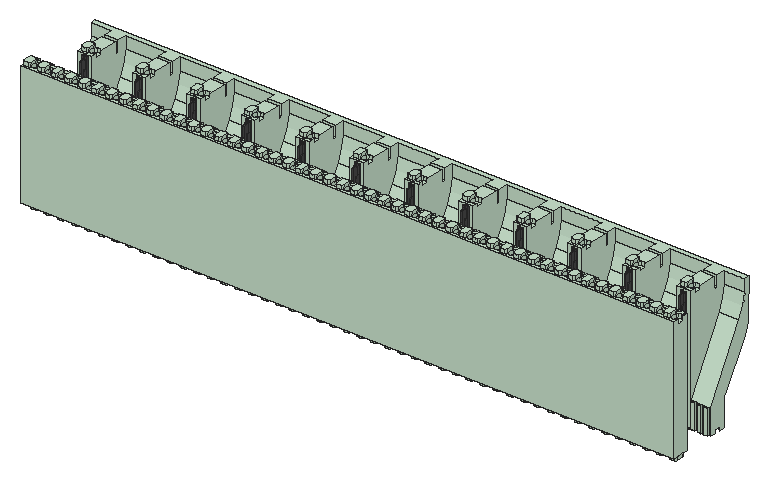
Revit family (continued)
Definition of nested family "NUDURA Diamond Pattern"
  Lines and regions (in)
    model lines
      curve 21: arc (4.634, -5.625, 15.48484) -> (4.74384, -5.625, 15.75) -> (4.634, -5.625, 16.01517) r 0.375
      curve 22: line (4.29059, -5.625, 15.14142) -> (4.634, -5.625, 15.48484)
      curve 23: line (3.35367, -5.625, 15.48484) -> (3.69709, -5.625, 15.14142)
      curve 24: arc (3.35367, -5.625, 16.01517) -> (3.24384, -5.625, 15.75) -> (3.35367, -5.625, 15.48484) r 0.375
      curve 25: line (3.69709, -5.625, 16.35858) -> (3.35367, -5.625, 16.01517)
      curve 26: arc (4.17062, -5.625, 16.30178) -> (3.99384, -5.625, 16.375) -> (3.81706, -5.625, 16.30178) r 0.25
      curve 27: line (3.81706, -5.625, 16.30178) -> (3.44206, -5.625, 15.92678)
      curve 28: arc (3.44206, -5.625, 15.92678) -> (3.36884, -5.625, 15.75) -> (3.44206, -5.625, 15.57322) r 0.25
      curve 29: line (3.44206, -5.625, 15.57322) -> (3.81706, -5.625, 15.19822)
      curve 30: arc (3.81706, -5.625, 15.19822) -> (3.99384, -5.625, 15.125) -> (4.17062, -5.625, 15.19822) r 0.25
      curve 31: line (4.17062, -5.625, 15.19822) -> (4.54562, -5.625, 15.57322)
      curve 32: arc (4.54562, -5.625, 15.57322) -> (4.61884, -5.625, 15.75) -> (4.54562, -5.625, 15.92678) r 0.25
      curve 33: line (4.54562, -5.625, 15.92678) -> (4.17062, -5.625, 16.30178)
      curve 34: arc (3.69709, -5.625, 14.85858) -> (3.75567, -5.625, 15) -> (3.69709, -5.625, 15.14142) r 0.2
      curve 35: line (4.634, -5.625, 14.51517) -> (4.29059, -5.625, 14.85858)
      curve 36: arc (4.634, -5.625, 13.98484) -> (4.74384, -5.625, 14.25) -> (4.634, -5.625, 14.51517) r 0.375
      curve 37: line (4.29059, -5.625, 13.64142) -> (4.634, -5.625, 13.98484)
      curve 38: line (3.35367, -5.625, 13.98484) -> (3.69709, -5.625, 13.64142)
      curve 39: arc (3.35367, -5.625, 14.51517) -> (3.24384, -5.625, 14.25) -> (3.35367, -5.625, 13.98484) r 0.375
      curve 40: line (3.69709, -5.625, 14.85858) -> (3.35367, -5.625, 14.51517)
      curve 41: arc (4.17062, -5.625, 14.80178) -> (3.99384, -5.625, 14.875) -> (3.81706, -5.625, 14.80178) r 0.25
      curve 42: line (3.81706, -5.625, 14.80178) -> (3.44206, -5.625, 14.42678)
      curve 43: arc (3.44206, -5.625, 14.42678) -> (3.36884, -5.625, 14.25) -> (3.44206, -5.625, 14.07322) r 0.25
      curve 44: line (3.44206, -5.625, 14.07322) -> (3.81706, -5.625, 13.69822)
      curve 45: arc (3.81706, -5.625, 13.69822) -> (3.99384, -5.625, 13.625) -> (4.17062, -5.625, 13.69822) r 0.25
      curve 46: line (4.17062, -5.625, 13.69822) -> (4.54562, -5.625, 14.07322)
      curve 47: arc (4.54562, -5.625, 14.07322) -> (4.61884, -5.625, 14.25) -> (4.54562, -5.625, 14.42678) r 0.25
      curve 48: line (4.54562, -5.625, 14.42678) -> (4.17062, -5.625, 14.80178)
      curve 49: arc (3.69709, -5.625, 13.35858) -> (3.75567, -5.625, 13.5) -> (3.69709, -5.625, 13.64142) r 0.2
      curve 50: line (4.634, -5.625, 13.01517) -> (4.29059, -5.625, 13.35858)
      curve 51: arc (4.634, -5.625, 12.48484) -> (4.74384, -5.625, 12.75) -> (4.634, -5.625, 13.01517) r 0.375
      curve 52: line (4.29059, -5.625, 12.14142) -> (4.634, -5.625, 12.48484)
      curve 53: line (3.35367, -5.625, 12.48484) -> (3.69709, -5.625, 12.14142)
      curve 54: arc (3.35367, -5.625, 13.01517) -> (3.24384, -5.625, 12.75) -> (3.35367, -5.625, 12.48484) r 0.375
      curve 55: line (3.69709, -5.625, 13.35858) -> (3.35367, -5.625, 13.01517)
      curve 56: arc (4.17062, -5.625, 13.30178) -> (3.99384, -5.625, 13.375) -> (3.81706, -5.625, 13.30178) r 0.25
      curve 57: line (3.81706, -5.625, 13.30178) -> (3.44206, -5.625, 12.92678)
      curve 58: arc (3.44206, -5.625, 12.92678) -> (3.36884, -5.625, 12.75) -> (3.44206, -5.625, 12.57322) r 0.25
      curve 59: line (3.44206, -5.625, 12.57322) -> (3.81706, -5.625, 12.19822)
      curve 60: arc (3.81706, -5.625, 12.19822) -> (3.99384, -5.625, 12.125) -> (4.17062, -5.625, 12.19822) r 0.25
      curve 61: line (4.17062, -5.625, 12.19822) -> (4.54562, -5.625, 12.57322)
      curve 62: arc (4.54562, -5.625, 12.57322) -> (4.61884, -5.625, 12.75) -> (4.54562, -5.625, 12.92678) r 0.25
      curve 63: line (4.54562, -5.625, 12.92678) -> (4.17062, -5.625, 13.30178)
      curve 64: arc (3.69709, -5.625, 11.85858) -> (3.75567, -5.625, 12) -> (3.69709, -5.625, 12.14142) r 0.2
      curve 65: line (4.634, -5.625, 11.51517) -> (4.29059, -5.625, 11.85858)
      curve 66: arc (4.634, -5.625, 10.98484) -> (4.74384, -5.625, 11.25) -> (4.634, -5.625, 11.51517) r 0.375
      curve 67: line (4.29059, -5.625, 10.64142) -> (4.634, -5.625, 10.98484)
      curve 68: line (3.35367, -5.625, 10.98484) -> (3.69709, -5.625, 10.64142)
      curve 69: arc (3.35367, -5.625, 11.51517) -> (3.24384, -5.625, 11.25) -> (3.35367, -5.625, 10.98484) r 0.375
      curve 70: line (3.69709, -5.625, 11.85858) -> (3.35367, -5.625, 11.51517)
      curve 71: arc (4.17062, -5.625, 11.80178) -> (3.99384, -5.625, 11.875) -> (3.81706, -5.625, 11.80178) r 0.25
      curve 72: line (3.81706, -5.625, 11.80178) -> (3.44206, -5.625, 11.42678)
      curve 73: arc (3.44206, -5.625, 11.42678) -> (3.36884, -5.625, 11.25) -> (3.44206, -5.625, 11.07322) r 0.25
      curve 74: line (3.44206, -5.625, 11.07322) -> (3.81706, -5.625, 10.69822)
      curve 75: arc (3.81706, -5.625, 10.69822) -> (3.99384, -5.625, 10.625) -> (4.17062, -5.625, 10.69822) r 0.25
      curve 76: line (4.17062, -5.625, 10.69822) -> (4.54562, -5.625, 11.07322)
      curve 77: arc (4.54562, -5.625, 11.07322) -> (4.61884, -5.625, 11.25) -> (4.54562, -5.625, 11.42678) r 0.25
      curve 78: line (4.54562, -5.625, 11.42678) -> (4.17062, -5.625, 11.80178)
      curve 79: arc (3.69709, -5.625, 10.35858) -> (3.75567, -5.625, 10.5) -> (3.69709, -5.625, 10.64142) r 0.2
      curve 80: line (4.634, -5.625, 10.01517) -> (4.29059, -5.625, 10.35858)
      curve 81: arc (4.634, -5.625, 9.48484) -> (4.74384, -5.625, 9.75) -> (4.634, -5.625, 10.01517) r 0.375
      curve 82: line (4.29059, -5.625, 9.14142) -> (4.634, -5.625, 9.48484)
      curve 83: line (3.35367, -5.625, 9.48484) -> (3.69709, -5.625, 9.14142)
      curve 84: arc (3.35367, -5.625, 10.01517) -> (3.24384, -5.625, 9.75) -> (3.35367, -5.625, 9.48484) r 0.375
      curve 85: line (3.69709, -5.625, 10.35858) -> (3.35367, -5.625, 10.01517)
      curve 86: arc (4.17062, -5.625, 10.30178) -> (3.99384, -5.625, 10.375) -> (3.81706, -5.625, 10.30178) r 0.25
      curve 87: line (3.81706, -5.625, 10.30178) -> (3.44206, -5.625, 9.92678)
      curve 88: arc (3.44206, -5.625, 9.92678) -> (3.36884, -5.625, 9.75) -> (3.44206, -5.625, 9.57322) r 0.25
      curve 89: line (3.44206, -5.625, 9.57322) -> (3.81706, -5.625, 9.19822)
      curve 90: arc (3.81706, -5.625, 9.19822) -> (3.99384, -5.625, 9.125) -> (4.17062, -5.625, 9.19822) r 0.25
      curve 91: line (4.17062, -5.625, 9.19822) -> (4.54562, -5.625, 9.57322)
      curve 92: arc (4.54562, -5.625, 9.57322) -> (4.61884, -5.625, 9.75) -> (4.54562, -5.625, 9.92678) r 0.25
      curve 93: line (4.54562, -5.625, 9.92678) -> (4.17062, -5.625, 10.30178)
      curve 94: arc (3.69709, -5.625, 8.85858) -> (3.75567, -5.625, 9) -> (3.69709, -5.625, 9.14142) r 0.2
      curve 95: line (4.634, -5.625, 8.51517) -> (4.29059, -5.625, 8.85858)
      curve 96: arc (4.634, -5.625, 7.98484) -> (4.74384, -5.625, 8.25) -> (4.634, -5.625, 8.51517) r 0.375
      curve 97: line (4.29059, -5.625, 7.64142) -> (4.634, -5.625, 7.98484)
      curve 98: line (3.35367, -5.625, 7.98484) -> (3.69709, -5.625, 7.64142)
      curve 99: arc (3.35367, -5.625, 8.51517) -> (3.24384, -5.625, 8.25) -> (3.35367, -5.625, 7.98484) r 0.375
      curve 100: line (3.69709, -5.625, 8.85858) -> (3.35367, -5.625, 8.51517)
      curve 101: arc (4.17062, -5.625, 8.80178) -> (3.99384, -5.625, 8.875) -> (3.81706, -5.625, 8.80178) r 0.25
      curve 102: line (3.81706, -5.625, 8.80178) -> (3.44206, -5.625, 8.42678)
      curve 103: arc (3.44206, -5.625, 8.42678) -> (3.36884, -5.625, 8.25) -> (3.44206, -5.625, 8.07322) r 0.25
      curve 104: line (3.44206, -5.625, 8.07322) -> (3.81706, -5.625, 7.69822)
      curve 105: arc (3.81706, -5.625, 7.69822) -> (3.99384, -5.625, 7.625) -> (4.17062, -5.625, 7.69822) r 0.25
      curve 106: line (4.17062, -5.625, 7.69822) -> (4.54562, -5.625, 8.07322)
      curve 107: arc (4.54562, -5.625, 8.07322) -> (4.61884, -5.625, 8.25) -> (4.54562, -5.625, 8.42678) r 0.25
      curve 108: line (4.54562, -5.625, 8.42678) -> (4.17062, -5.625, 8.80178)
      curve 109: arc (3.69709, -5.625, 7.35858) -> (3.75567, -5.625, 7.5) -> (3.69709, -5.625, 7.64142) r 0.2
      curve 110: line (4.634, -5.625, 7.01517) -> (4.29059, -5.625, 7.35858)
      curve 111: arc (4.634, -5.625, 6.48484) -> (4.74384, -5.625, 6.75) -> (4.634, -5.625, 7.01517) r 0.375
      curve 112: line (4.29059, -5.625, 6.14142) -> (4.634, -5.625, 6.48484)
      curve 113: line (3.35367, -5.625, 6.48484) -> (3.69709, -5.625, 6.14142)
      curve 114: arc (3.35367, -5.625, 7.01517) -> (3.24384, -5.625, 6.75) -> (3.35367, -5.625, 6.48484) r 0.375
      curve 115: line (3.69709, -5.625, 7.35858) -> (3.35367, -5.625, 7.01517)
      curve 116: arc (4.17062, -5.625, 7.30178) -> (3.99384, -5.625, 7.375) -> (3.81706, -5.625, 7.30178) r 0.25
      curve 117: line (3.81706, -5.625, 7.30178) -> (3.44206, -5.625, 6.92678)
      curve 118: arc (3.44206, -5.625, 6.92678) -> (3.36884, -5.625, 6.75) -> (3.44206, -5.625, 6.57322) r 0.25
      curve 119: line (3.44206, -5.625, 6.57322) -> (3.81706, -5.625, 6.19822)
      curve 120: arc (3.81706, -5.625, 6.19822) -> (3.99384, -5.625, 6.125) -> (4.17062, -5.625, 6.19822) r 0.25
      curve 121: line (4.17062, -5.625, 6.19822) -> (4.54562, -5.625, 6.57322)
      curve 122: arc (4.54562, -5.625, 6.57322) -> (4.61884, -5.625, 6.75) -> (4.54562, -5.625, 6.92678) r 0.25
      curve 123: line (4.54562, -5.625, 6.92678) -> (4.17062, -5.625, 7.30178)
      curve 124: arc (3.69709, -5.625, 5.85858) -> (3.75567, -5.625, 6) -> (3.69709, -5.625, 6.14142) r 0.2
      curve 125: line (4.634, -5.625, 5.51517) -> (4.29059, -5.625, 5.85858)
      curve 126: arc (4.634, -5.625, 4.98484) -> (4.74384, -5.625, 5.25) -> (4.634, -5.625, 5.51517) r 0.375
      curve 127: line (4.29059, -5.625, 4.64142) -> (4.634, -5.625, 4.98484)
      curve 128: line (3.35367, -5.625, 4.98484) -> (3.69709, -5.625, 4.64142)
      curve 129: arc (3.35367, -5.625, 5.51517) -> (3.24384, -5.625, 5.25) -> (3.35367, -5.625, 4.98484) r 0.375
      curve 130: line (3.69709, -5.625, 5.85858) -> (3.35367, -5.625, 5.51517)
      curve 131: arc (4.17062, -5.625, 5.80178) -> (3.99384, -5.625, 5.875) -> (3.81706, -5.625, 5.80178) r 0.25
      curve 132: line (3.81706, -5.625, 5.80178) -> (3.44206, -5.625, 5.42678)
      curve 133: arc (3.44206, -5.625, 5.42678) -> (3.36884, -5.625, 5.25) -> (3.44206, -5.625, 5.07322) r 0.25
      curve 134: line (3.44206, -5.625, 5.07322) -> (3.81706, -5.625, 4.69822)
      curve 135: arc (3.81706, -5.625, 4.69822) -> (3.99384, -5.625, 4.625) -> (4.17062, -5.625, 4.69822) r 0.25
      curve 136: line (4.17062, -5.625, 4.69822) -> (4.54562, -5.625, 5.07322)
      curve 137: arc (4.54562, -5.625, 5.07322) -> (4.61884, -5.625, 5.25) -> (4.54562, -5.625, 5.42678) r 0.25
      curve 138: line (4.54562, -5.625, 5.42678) -> (4.17062, -5.625, 5.80178)
      curve 139: arc (3.69709, -5.625, 4.35858) -> (3.75567, -5.625, 4.5) -> (3.69709, -5.625, 4.64142) r 0.2
      curve 140: line (4.634, -5.625, 4.01517) -> (4.29059, -5.625, 4.35858)
      curve 141: arc (4.634, -5.625, 3.48484) -> (4.74384, -5.625, 3.75) -> (4.634, -5.625, 4.01517) r 0.375
      curve 142: line (4.29059, -5.625, 3.14142) -> (4.634, -5.625, 3.48484)
      curve 143: line (3.35367, -5.625, 3.48484) -> (3.69709, -5.625, 3.14142)
      curve 144: arc (3.35367, -5.625, 4.01517) -> (3.24384, -5.625, 3.75) -> (3.35367, -5.625, 3.48484) r 0.375
      curve 145: line (3.69709, -5.625, 4.35858) -> (3.35367, -5.625, 4.01517)
      curve 146: arc (4.17062, -5.625, 4.30178) -> (3.99384, -5.625, 4.375) -> (3.81706, -5.625, 4.30178) r 0.25
      curve 147: line (3.81706, -5.625, 4.30178) -> (3.44206, -5.625, 3.92678)
      curve 148: arc (3.44206, -5.625, 3.92678) -> (3.36884, -5.625, 3.75) -> (3.44206, -5.625, 3.57322) r 0.25
      curve 149: line (3.44206, -5.625, 3.57322) -> (3.81706, -5.625, 3.19822)
      curve 150: arc (3.81706, -5.625, 3.19822) -> (3.99384, -5.625, 3.125) -> (4.17062, -5.625, 3.19822) r 0.25
      curve 151: line (4.17062, -5.625, 3.19822) -> (4.54562, -5.625, 3.57322)
      curve 152: arc (4.54562, -5.625, 3.57322) -> (4.61884, -5.625, 3.75) -> (4.54562, -5.625, 3.92678) r 0.25
      curve 153: line (4.54562, -5.625, 3.92678) -> (4.17062, -5.625, 4.30178)
      curve 154: arc (3.69709, -5.625, 2.85858) -> (3.75567, -5.625, 3) -> (3.69709, -5.625, 3.14142) r 0.2
      curve 155: line (4.634, -5.625, 2.51517) -> (4.29059, -5.625, 2.85858)
      curve 156: arc (4.634, -5.625, 1.98484) -> (4.74384, -5.625, 2.25) -> (4.634, -5.625, 2.51517) r 0.375
      curve 157: line (4.29059, -5.625, 1.64142) -> (4.634, -5.625, 1.98484)
      curve 158: line (3.35367, -5.625, 1.98484) -> (3.69709, -5.625, 1.64142)
      curve 159: arc (3.35367, -5.625, 2.51517) -> (3.24384, -5.625, 2.25) -> (3.35367, -5.625, 1.98484) r 0.375
      curve 160: line (3.69709, -5.625, 2.85858) -> (3.35367, -5.625, 2.51517)
      curve 161: arc (4.17062, -5.625, 2.80178) -> (3.99384, -5.625, 2.875) -> (3.81706, -5.625, 2.80178) r 0.25
      curve 162: line (3.81706, -5.625, 2.80178) -> (3.44206, -5.625, 2.42678)
      curve 163: arc (3.44206, -5.625, 2.42678) -> (3.36884, -5.625, 2.25) -> (3.44206, -5.625, 2.07322) r 0.25
      curve 164: line (3.44206, -5.625, 2.07322) -> (3.81706, -5.625, 1.69822)
      curve 165: arc (3.81706, -5.625, 1.69822) -> (3.99384, -5.625, 1.625) -> (4.17062, -5.625, 1.69822) r 0.25
      curve 166: line (4.17062, -5.625, 1.69822) -> (4.54562, -5.625, 2.07322)
      curve 167: arc (4.54562, -5.625, 2.07322) -> (4.61884, -5.625, 2.25) -> (4.54562, -5.625, 2.42678) r 0.25
      curve 168: line (4.54562, -5.625, 2.42678) -> (4.17062, -5.625, 2.80178)
      curve 169: arc (3.69709, -5.625, 1.35858) -> (3.75567, -5.625, 1.5) -> (3.69709, -5.625, 1.64142) r 0.2
      curve 170: line (3.69709, -5.625, 1.35858) -> (3.35367, -5.625, 1.01517)
      curve 171: arc (3.35367, -5.625, 1.01517) -> (3.24384, -5.625, 0.75) -> (3.35367, -5.625, 0.48484) r 0.375
      curve 172: line (3.35367, -5.625, 0.48484) -> (3.72867, -5.625, 0.10984)
      curve 173: arc (3.72867, -5.625, 0.10984) -> (3.99384, -5.625, 0) -> (4.259, -5.625, 0.10984) r 0.375
      curve 174: line (4.259, -5.625, 0.10984) -> (4.634, -5.625, 0.48484)
      curve 175: arc (4.634, -5.625, 0.48484) -> (4.74384, -5.625, 0.75) -> (4.634, -5.625, 1.01517) r 0.375
      curve 176: line (4.634, -5.625, 1.01517) -> (4.29059, -5.625, 1.35858)
      curve 177: arc (4.29059, -5.625, 1.64142) -> (4.23201, -5.625, 1.5) -> (4.29059, -5.625, 1.35858) r 0.2
      curve 178: arc (4.17062, -5.625, 1.30178) -> (3.99384, -5.625, 1.375) -> (3.81706, -5.625, 1.30178) r 0.25
      curve 179: line (4.54562, -5.625, 0.92678) -> (4.17062, -5.625, 1.30178)
      curve 180: arc (4.54562, -5.625, 0.57322) -> (4.61884, -5.625, 0.75) -> (4.54562, -5.625, 0.92678) r 0.25
      curve 181: line (4.17062, -5.625, 0.19822) -> (4.54562, -5.625, 0.57322)
      curve 182: arc (3.81706, -5.625, 0.19822) -> (3.99384, -5.625, 0.125) -> (4.17062, -5.625, 0.19822) r 0.25
      curve 183: line (3.44206, -5.625, 0.57322) -> (3.81706, -5.625, 0.19822)
      curve 184: arc (3.44206, -5.625, 0.92678) -> (3.36884, -5.625, 0.75) -> (3.44206, -5.625, 0.57322) r 0.25
      curve 185: line (3.81706, -5.625, 1.30178) -> (3.44206, -5.625, 0.92678)
      curve 186: arc (4.29059, -5.625, 3.14142) -> (4.23201, -5.625, 3) -> (4.29059, -5.625, 2.85858) r 0.2
      curve 187: arc (4.29059, -5.625, 4.64142) -> (4.23201, -5.625, 4.5) -> (4.29059, -5.625, 4.35858) r 0.2
      curve 188: arc (4.29059, -5.625, 6.14142) -> (4.23201, -5.625, 6) -> (4.29059, -5.625, 5.85858) r 0.2
      curve 189: arc (4.29059, -5.625, 7.64142) -> (4.23201, -5.625, 7.5) -> (4.29059, -5.625, 7.35858) r 0.2
      curve 190: arc (4.29059, -5.625, 9.14142) -> (4.23201, -5.625, 9) -> (4.29059, -5.625, 8.85858) r 0.2
      curve 191: arc (4.29059, -5.625, 10.64142) -> (4.23201, -5.625, 10.5) -> (4.29059, -5.625, 10.35858) r 0.2
      curve 192: arc (4.29059, -5.625, 12.14142) -> (4.23201, -5.625, 12) -> (4.29059, -5.625, 11.85858) r 0.2
      curve 193: arc (4.29059, -5.625, 13.64142) -> (4.23201, -5.625, 13.5) -> (4.29059, -5.625, 13.35858) r 0.2
      curve 194: arc (4.29059, -5.625, 15.14142) -> (4.23201, -5.625, 15) -> (4.29059, -5.625, 14.85858) r 0.2
      curve 195: arc (4.29059, -5.625, 16.64142) -> (4.23201, -5.625, 16.5) -> (4.29059, -5.625, 16.35858) r 0.2
Definition of nested family "NUDURA Logo Diamond"
  Reference planes (in)
    plane 1 "Center (Front/Back)": y = 0
    plane 2: z = 0
    plane 3 "Center (Left/Right)": x = 0
  Lines and regions (in)
    model lines
      curve 1: line (12.59848, 0, 17.50104) -> (12.24492, 0, 17.85459)
      curve 2: line (12.36113, 0, 16.76872) -> (12.59848, 0, 17.00607)
      curve 3: line (12.59848, 0, 16.00104) -> (12.36113, 0, 16.23839)
      curve 4: line (12.36113, 0, 15.26872) -> (12.59848, 0, 15.50607)
      curve 5: line (12.59848, 0, 14.50104) -> (12.36113, 0, 14.73839)
      curve 6: line (12.36113, 0, 13.76872) -> (12.59848, 0, 14.00607)
      curve 7: line (12.17421, 0, 13.28388) -> (12.71208, 0, 12.74602)
      curve 8: line (12.71208, 0, 12.74602) -> (12.78279, 0, 12.81673)
      curve 9: line (11.28279, 0, 12.74602) -> (11.82066, 0, 13.28388)
      curve 10: line (11.63374, 0, 13.23839) -> (11.21208, 0, 12.81673)
      curve 11: line (11.3964, 0, 14.00607) -> (11.63374, 0, 13.76872)
      curve 12: line (11.63374, 0, 14.73839) -> (11.3964, 0, 14.50104)
      curve 13: line (11.3964, 0, 15.50607) -> (11.63374, 0, 15.26872)
      curve 14: line (11.63374, 0, 16.23839) -> (11.3964, 0, 16.00104)
      curve 15: line (11.3964, 0, 17.00607) -> (11.63374, 0, 16.76872)
      curve 16: line (11.74995, 0, 17.85459) -> (11.3964, 0, 17.50104)
      curve 17: line (11.82066, 0, 17.78388) -> (11.46711, 0, 17.43033)
      curve 18: line (12.52777, 0, 17.43033) -> (12.17421, 0, 17.78388)
      curve 19: line (12.17421, 0, 16.72322) -> (12.52777, 0, 17.07678)
      curve 20: line (11.46711, 0, 17.07678) -> (11.82066, 0, 16.72322)
      curve 21: arc (11.3964, 0, 17.50104) -> (11.29388, 0, 17.25355) -> (11.3964, 0, 17.00607) r 0.35
      curve 22: arc (11.74995, 0, 17.85459) -> (11.99744, 0, 17.95711) -> (12.24492, 0, 17.85459) r 0.35
      curve 23: arc (11.46711, 0, 17.43033) -> (11.39388, 0, 17.25355) -> (11.46711, 0, 17.07678) r 0.25
      curve 24: arc (12.52777, 0, 17.43033) -> (12.60099, 0, 17.25355) -> (12.52777, 0, 17.07678) r 0.25
      curve 25: arc (12.17421, 0, 16.72322) -> (11.99744, 0, 16.65) -> (11.82066, 0, 16.72322) r 0.25
      curve 26: arc (11.82066, 0, 17.78388) -> (11.99744, 0, 17.85711) -> (12.17421, 0, 17.78388) r 0.25
      curve 27: arc (12.59848, 0, 17.50104) -> (12.70099, 0, 17.25355) -> (12.59848, 0, 17.00607) r 0.35
      curve 28: arc (11.63374, 0, 16.76872) -> (11.74358, 0, 16.50355) -> (11.63374, 0, 16.23839) r 0.375
      curve 29: arc (12.36113, 0, 16.76872) -> (12.2513, 0, 16.50355) -> (12.36113, 0, 16.23839) r 0.375
      curve 30: line (12.36113, 0, 15.26872) -> (12.59848, 0, 15.50607)
      curve 31: line (11.3964, 0, 15.50607) -> (11.63374, 0, 15.26872)
      curve 32: line (11.82066, 0, 16.28388) -> (11.46711, 0, 15.93033)
      curve 33: line (12.52777, 0, 15.93033) -> (12.17421, 0, 16.28388)
      curve 34: line (12.17421, 0, 15.22322) -> (12.52777, 0, 15.57678)
      curve 35: line (11.46711, 0, 15.57678) -> (11.82066, 0, 15.22322)
      curve 36: arc (11.3964, 0, 16.00104) -> (11.29388, 0, 15.75355) -> (11.3964, 0, 15.50607) r 0.35
      curve 37: arc (11.46711, 0, 15.93033) -> (11.39388, 0, 15.75355) -> (11.46711, 0, 15.57678) r 0.25
      curve 38: arc (12.52777, 0, 15.93033) -> (12.60099, 0, 15.75355) -> (12.52777, 0, 15.57678) r 0.25
      curve 39: arc (12.17421, 0, 15.22322) -> (11.99744, 0, 15.15) -> (11.82066, 0, 15.22322) r 0.25
      curve 40: arc (11.82066, 0, 16.28388) -> (11.99744, 0, 16.35711) -> (12.17421, 0, 16.28388) r 0.25
      curve 41: arc (12.59848, 0, 16.00104) -> (12.70099, 0, 15.75355) -> (12.59848, 0, 15.50607) r 0.35
      curve 42: line (11.63374, 0, 16.23839) -> (11.3964, 0, 16.00104)
      curve 43: line (12.59848, 0, 16.00104) -> (12.36113, 0, 16.23839)
      curve 44: arc (11.63374, 0, 15.26872) -> (11.74358, 0, 15.00355) -> (11.63374, 0, 14.73839) r 0.375
      curve 45: arc (12.36113, 0, 15.26872) -> (12.2513, 0, 15.00355) -> (12.36113, 0, 14.73839) r 0.375
      curve 46: line (12.36113, 0, 13.76872) -> (12.59848, 0, 14.00607)
      curve 47: line (11.3964, 0, 14.00607) -> (11.63374, 0, 13.76872)
      curve 48: line (11.82066, 0, 14.78388) -> (11.46711, 0, 14.43033)
      curve 49: line (12.52777, 0, 14.43033) -> (12.17421, 0, 14.78388)
      curve 50: line (12.17421, 0, 13.72322) -> (12.52777, 0, 14.07678)
      curve 51: line (11.46711, 0, 14.07678) -> (11.82066, 0, 13.72322)
      curve 52: arc (11.3964, 0, 14.50104) -> (11.29388, 0, 14.25355) -> (11.3964, 0, 14.00607) r 0.35
      curve 53: arc (11.46711, 0, 14.43033) -> (11.39388, 0, 14.25355) -> (11.46711, 0, 14.07678) r 0.25
      curve 54: arc (12.52777, 0, 14.43033) -> (12.60099, 0, 14.25355) -> (12.52777, 0, 14.07678) r 0.25
      curve 55: arc (12.17421, 0, 13.72322) -> (11.99744, 0, 13.65) -> (11.82066, 0, 13.72322) r 0.25
      curve 56: arc (11.82066, 0, 14.78388) -> (11.99744, 0, 14.85711) -> (12.17421, 0, 14.78388) r 0.25
      curve 57: arc (12.59848, 0, 14.50104) -> (12.70099, 0, 14.25355) -> (12.59848, 0, 14.00607) r 0.35
      curve 58: line (11.63374, 0, 14.73839) -> (11.3964, 0, 14.50104)
      curve 59: arc (11.63374, 0, 13.76872) -> (11.74358, 0, 13.50355) -> (11.63374, 0, 13.23839) r 0.375
      curve 60: arc (12.36113, 0, 13.76872) -> (12.2513, 0, 13.50355) -> (12.36113, 0, 13.23839) r 0.375
      curve 61: line (12.78279, 0, 12.81673) -> (12.36113, 0, 13.23839)
      curve 62: line (11.21208, 0, 12.81673) -> (11.28279, 0, 12.74602)
      curve 63: arc (11.82066, 0, 13.28388) -> (11.99744, 0, 13.35711) -> (12.17421, 0, 13.28388) r 0.25
      curve 64: line (12.59848, 0, 0.50607) -> (12.24492, 0, 0.15251)
      curve 65: line (12.36113, 0, 1.23839) -> (12.59848, 0, 1.00104)
      curve 66: line (12.59848, 0, 2.00607) -> (12.36113, 0, 1.76872)
      curve 67: line (12.36113, 0, 2.73839) -> (12.59848, 0, 2.50104)
      curve 68: line (12.59848, 0, 3.50607) -> (12.36113, 0, 3.26872)
      curve 69: line (12.36113, 0, 4.23839) -> (12.59848, 0, 4.00104)
      curve 70: line (12.17421, 0, 4.72322) -> (12.71208, 0, 5.26109)
      curve 71: line (12.71208, 0, 5.26109) -> (12.78279, 0, 5.19038)
      curve 72: line (11.28279, 0, 5.26109) -> (11.82066, 0, 4.72322)
      curve 73: line (11.63374, 0, 4.76872) -> (11.21208, 0, 5.19038)
      curve 74: line (11.3964, 0, 4.00104) -> (11.63374, 0, 4.23839)
      curve 75: line (11.63374, 0, 3.26872) -> (11.3964, 0, 3.50607)
      curve 76: line (11.3964, 0, 2.50104) -> (11.63374, 0, 2.73839)
      curve 77: line (11.63374, 0, 1.76872) -> (11.3964, 0, 2.00607)
      curve 78: line (11.3964, 0, 1.00104) -> (11.63374, 0, 1.23839)
      curve 79: line (11.74995, 0, 0.15251) -> (11.3964, 0, 0.50607)
      curve 80: line (11.82066, 0, 0.22322) -> (11.46711, 0, 0.57678)
      curve 81: line (12.52777, 0, 0.57678) -> (12.17421, 0, 0.22322)
      curve 82: line (12.17421, 0, 1.28388) -> (12.52777, 0, 0.93033)
      curve 83: line (11.46711, 0, 0.93033) -> (11.82066, 0, 1.28388)
      curve 84: arc (11.3964, 0, 0.50607) -> (11.29388, 0, 0.75355) -> (11.3964, 0, 1.00104) r 0.35
      curve 85: arc (11.74995, 0, 0.15251) -> (11.99744, 0, 0.05) -> (12.24492, 0, 0.15251) r 0.35
      curve 86: arc (11.46711, 0, 0.57678) -> (11.39388, 0, 0.75355) -> (11.46711, 0, 0.93033) r 0.25
      curve 87: arc (12.52777, 0, 0.57678) -> (12.60099, 0, 0.75355) -> (12.52777, 0, 0.93033) r 0.25
      curve 88: arc (12.17421, 0, 1.28388) -> (11.99744, 0, 1.35711) -> (11.82066, 0, 1.28388) r 0.25
      curve 89: arc (11.82066, 0, 0.22322) -> (11.99744, 0, 0.15) -> (12.17421, 0, 0.22322) r 0.25
      curve 90: arc (12.59848, 0, 0.50607) -> (12.70099, 0, 0.75355) -> (12.59848, 0, 1.00104) r 0.35
      curve 91: arc (11.63374, 0, 1.23839) -> (11.74358, 0, 1.50355) -> (11.63374, 0, 1.76872) r 0.375
      curve 92: arc (12.36113, 0, 1.23839) -> (12.2513, 0, 1.50355) -> (12.36113, 0, 1.76872) r 0.375
      curve 93: line (12.36113, 0, 2.73839) -> (12.59848, 0, 2.50104)
      curve 94: line (11.3964, 0, 2.50104) -> (11.63374, 0, 2.73839)
      curve 95: line (11.82066, 0, 1.72322) -> (11.46711, 0, 2.07678)
      curve 96: line (12.52777, 0, 2.07678) -> (12.17421, 0, 1.72322)
      curve 97: line (12.17421, 0, 2.78388) -> (12.52777, 0, 2.43033)
      curve 98: line (11.46711, 0, 2.43033) -> (11.82066, 0, 2.78388)
      curve 99: arc (11.3964, 0, 2.00607) -> (11.29388, 0, 2.25355) -> (11.3964, 0, 2.50104) r 0.35
      curve 100: arc (11.46711, 0, 2.07678) -> (11.39388, 0, 2.25355) -> (11.46711, 0, 2.43033) r 0.25
      curve 101: arc (12.52777, 0, 2.07678) -> (12.60099, 0, 2.25355) -> (12.52777, 0, 2.43033) r 0.25
      curve 102: arc (12.17421, 0, 2.78388) -> (11.99744, 0, 2.85711) -> (11.82066, 0, 2.78388) r 0.25
      curve 103: arc (11.82066, 0, 1.72322) -> (11.99744, 0, 1.65) -> (12.17421, 0, 1.72322) r 0.25
      curve 104: arc (12.59848, 0, 2.00607) -> (12.70099, 0, 2.25355) -> (12.59848, 0, 2.50104) r 0.35
      curve 105: line (11.63374, 0, 1.76872) -> (11.3964, 0, 2.00607)
      curve 106: line (12.59848, 0, 2.00607) -> (12.36113, 0, 1.76872)
      curve 107: arc (11.63374, 0, 2.73839) -> (11.74358, 0, 3.00355) -> (11.63374, 0, 3.26872) r 0.375
      curve 108: arc (12.36113, 0, 2.73839) -> (12.2513, 0, 3.00355) -> (12.36113, 0, 3.26872) r 0.375
      curve 109: line (12.36113, 0, 4.23839) -> (12.59848, 0, 4.00104)
      curve 110: line (11.3964, 0, 4.00104) -> (11.63374, 0, 4.23839)
      curve 111: line (11.82066, 0, 3.22322) -> (11.46711, 0, 3.57678)
      curve 112: line (12.52777, 0, 3.57678) -> (12.17421, 0, 3.22322)
      curve 113: line (12.17421, 0, 4.28388) -> (12.52777, 0, 3.93033)
      curve 114: line (11.46711, 0, 3.93033) -> (11.82066, 0, 4.28388)
      curve 115: arc (11.3964, 0, 3.50607) -> (11.29388, 0, 3.75355) -> (11.3964, 0, 4.00104) r 0.35
      curve 116: arc (11.46711, 0, 3.57678) -> (11.39388, 0, 3.75355) -> (11.46711, 0, 3.93033) r 0.25
      curve 117: arc (12.52777, 0, 3.57678) -> (12.60099, 0, 3.75355) -> (12.52777, 0, 3.93033) r 0.25
      curve 118: arc (12.17421, 0, 4.28388) -> (11.99744, 0, 4.35711) -> (11.82066, 0, 4.28388) r 0.25
      curve 119: arc (11.82066, 0, 3.22322) -> (11.99744, 0, 3.15) -> (12.17421, 0, 3.22322) r 0.25
      curve 120: arc (12.59848, 0, 3.50607) -> (12.70099, 0, 3.75355) -> (12.59848, 0, 4.00104) r 0.35
      curve 121: line (11.63374, 0, 3.26872) -> (11.3964, 0, 3.50607)
      curve 122: arc (11.63374, 0, 4.23839) -> (11.74358, 0, 4.50355) -> (11.63374, 0, 4.76872) r 0.375
      curve 123: arc (12.36113, 0, 4.23839) -> (12.2513, 0, 4.50355) -> (12.36113, 0, 4.76872) r 0.375
      curve 124: line (12.78279, 0, 5.19038) -> (12.36113, 0, 4.76872)
      curve 125: line (11.21208, 0, 5.19038) -> (11.28279, 0, 5.26109)
      curve 126: arc (11.82066, 0, 4.72322) -> (11.99744, 0, 4.65) -> (12.17421, 0, 4.72322) r 0.25
      curve 127: line (12.37244, 0, 12.50355) -> (11.62244, 0, 12.50355)
      curve 128: line (12.74744, 0, 5.87855) -> (12.74744, 0, 12.12855)
      curve 129: line (11.24744, 0, 12.12855) -> (11.24744, 0, 5.87855)
      curve 130: line (11.62244, 0, 5.50355) -> (12.37244, 0, 5.50355)
      curve 131: line (12.47232, 0, 12.00355) -> (12.0393, 0, 12.25355)
      curve 132: line (12.47232, 0, 11.50355) -> (12.47232, 0, 12.00355)
      curve 133: line (12.25581, 0, 11.37855) -> (12.47232, 0, 11.50355)
      curve 134: line (12.02256, 0, 11.51322) -> (12.25581, 0, 11.37855)
      curve 135: line (12.22232, 0, 11.62855) -> (12.02256, 0, 11.51322)
      curve 136: line (11.80605, 0, 12.11888) -> (12.22232, 0, 11.87855)
      curve 137: line (12.22232, 0, 11.87855) -> (12.22232, 0, 11.62855)
      curve 138: line (12.0393, 0, 12.25355) -> (11.80605, 0, 12.11888)
      curve 139: line (11.77256, 0, 11.63822) -> (11.97232, 0, 11.75355)
      curve 140: line (11.97232, 0, 11.75355) -> (11.73906, 0, 11.88822)
      curve 141: line (11.73906, 0, 11.88822) -> (11.52256, 0, 11.76322)
      curve 142: line (11.52256, 0, 11.76322) -> (11.52256, 0, 11.26322)
      curve 143: line (11.77256, 0, 11.38822) -> (11.77256, 0, 11.63822)
      curve 144: line (12.18882, 0, 11.14789) -> (11.77256, 0, 11.38822)
      curve 145: line (11.95557, 0, 11.01322) -> (12.18882, 0, 11.14789)
      curve 146: line (11.52256, 0, 11.26322) -> (11.95557, 0, 11.01322)
      curve 147: line (12.31108, 0, 10.60411) -> (11.68379, 0, 10.74458)
      curve 148: line (11.68379, 0, 10.74458) -> (11.68379, 0, 10.51321)
      curve 149: line (11.68379, 0, 10.51321) -> (12.1295, 0, 10.41405)
      curve 150: line (12.1295, 0, 10.41405) -> (11.68379, 0, 10.27358)
      curve 151: line (11.68379, 0, 10.27358) -> (11.68379, 0, 9.8852)
      curve 152: line (11.68379, 0, 9.8852) -> (12.17077, 0, 9.77615)
      curve 153: line (12.17077, 0, 9.77615) -> (12.17077, 0, 9.74472)
      curve 154: line (12.17077, 0, 9.74472) -> (11.86146, 0, 9.80279)
      curve 155: line (11.68379, 0, 9.65536) -> (11.68379, 0, 9.35864)
      curve 156: line (12.07077, 0, 8.74385) -> (12.07077, 0, 8.99996)
      curve 157: line (12.07077, 0, 8.99996) -> (11.68379, 0, 9.08605)
      curve 158: line (11.68379, 0, 9.08605) -> (11.68379, 0, 8.47809)
      curve 159: line (11.91823, 0, 9.06589) -> (12.31108, 0, 8.97792)
      curve 160: line (11.82444, 0, 8.55476) -> (11.82444, 0, 8.79865)
      curve 161: line (11.82444, 0, 8.79865) -> (12.07077, 0, 8.74385)
      curve 162: line (11.68379, 0, 8.07193) -> (11.68379, 0, 7.77522)
      curve 163: line (11.91823, 0, 7.48247) -> (12.21108, 0, 7.41688)
      curve 164: line (12.21108, 0, 7.41688) -> (12.21108, 0, 6.95405)
      curve 165: line (12.16108, 0, 6.90405) -> (12.12077, 0, 6.90405)
      curve 166: line (12.07077, 0, 6.95405) -> (12.07077, 0, 7.08675)
      curve 167: line (12.07077, 0, 7.08675) -> (12.12077, 0, 7.07556)
      curve 168: line (12.12077, 0, 7.07556) -> (12.12077, 0, 7.33463)
      curve 169: line (12.12077, 0, 7.33463) -> (11.68379, 0, 7.43249)
      curve 170: line (11.68379, 0, 7.43249) -> (11.68379, 0, 7.17341)
      curve 171: line (11.68379, 0, 7.17341) -> (11.97077, 0, 7.10915)
      curve 172: line (11.97077, 0, 7.10915) -> (11.97077, 0, 6.99425)
      curve 173: line (11.92077, 0, 6.94425) -> (11.68379, 0, 6.94425)
      curve 174: line (11.68379, 0, 6.94425) -> (11.68379, 0, 6.45682)
      curve 175: line (11.68379, 0, 6.45682) -> (11.78284, 0, 6.38658)
      curve 176: line (11.78284, 0, 6.38658) -> (11.78284, 0, 6.05178)
      curve 177: line (12.12371, 0, 6.14486) -> (11.88284, 0, 6.31567)
      curve 178: line (11.88284, 0, 6.31567) -> (11.88284, 0, 6.07909)
      curve 179: line (11.88284, 0, 6.07909) -> (12.12371, 0, 6.14486)
      curve 180: line (11.78284, 0, 6.05178) -> (11.68379, 0, 6.02474)
      curve 181: line (11.68379, 0, 6.02474) -> (11.68379, 0, 5.75355)
      curve 182: line (11.68379, 0, 5.75355) -> (12.31108, 0, 5.92483)
      curve 183: line (12.31108, 0, 5.92483) -> (12.31108, 0, 6.28791)
      curve 184: line (12.31108, 0, 6.28791) -> (11.76249, 0, 6.67694)
      curve 185: line (11.76249, 0, 6.67694) -> (11.90321, 0, 6.67694)
      curve 186: line (12.31108, 0, 6.78674) -> (12.31108, 0, 7.63562)
      curve 187: line (12.31108, 0, 7.63562) -> (11.90258, 0, 7.7271)
      curve 188: line (11.82444, 0, 7.82469) -> (11.82444, 0, 7.92839)
      curve 189: line (11.88536, 0, 7.97718) -> (12.31108, 0, 7.88185)
      curve 190: line (12.31108, 0, 7.88185) -> (12.31108, 0, 8.13496)
      curve 191: line (12.31108, 0, 8.13496) -> (12.08042, 0, 8.17826)
      curve 192: line (12.31108, 0, 8.38353) -> (12.31108, 0, 8.9465)
      curve 193: line (12.31108, 0, 8.9465) -> (12.17077, 0, 8.97771)
      curve 194: line (12.17077, 0, 8.97771) -> (12.17077, 0, 8.55476)
      curve 195: line (12.31108, 0, 8.97792) -> (12.31108, 0, 9.21905)
      curve 196: line (12.31108, 0, 9.21905) -> (11.90258, 0, 9.31053)
      curve 197: line (11.82444, 0, 9.40811) -> (11.82444, 0, 9.51182)
      curve 198: line (11.87938, 0, 9.56195) -> (12.31108, 0, 9.46528)
      curve 199: line (12.31108, 0, 9.46528) -> (12.31108, 0, 9.98469)
      curve 200: line (12.31108, 0, 9.98469) -> (11.90664, 0, 10.07526)
      curve 201: line (11.90664, 0, 10.07526) -> (12.31108, 0, 10.20747)
      curve 202: line (12.31108, 0, 10.20747) -> (12.31108, 0, 10.60411)
      curve 203: arc (11.68379, 0, 9.65536) -> (11.73801, 0, 9.7708) -> (11.86146, 0, 9.80279) r 0.15
      curve 204: arc (11.68379, 0, 9.35864) -> (11.74962, 0, 9.17112) -> (11.91823, 0, 9.06589) r 0.3
      curve 205: arc (11.84417, 0, 8.22149) -> (11.72718, 0, 8.32679) -> (11.68379, 0, 8.47809) r 0.28547
      curve 206: arc (11.68379, 0, 8.07193) -> (11.73147, 0, 8.18158) -> (11.84417, 0, 8.22149) r 0.14992
      curve 207: arc (11.68379, 0, 7.77522) -> (11.74962, 0, 7.58769) -> (11.91823, 0, 7.48247) r 0.3
      curve 208: arc (11.82444, 0, 7.82469) -> (11.84638, 0, 7.76218) -> (11.90258, 0, 7.7271) r 0.1
      curve 209: arc (11.82444, 0, 7.92839) -> (11.84318, 0, 7.96742) -> (11.88536, 0, 7.97718) r 0.05
      curve 210: arc (12.12077, 0, 6.90405) -> (12.08541, 0, 6.91869) -> (12.07077, 0, 6.95405) r 0.05
      curve 211: arc (12.16108, 0, 6.90405) -> (12.19644, 0, 6.91869) -> (12.21108, 0, 6.95405) r 0.05
      curve 212: arc (11.97077, 0, 6.99425) -> (11.95612, 0, 6.95889) -> (11.92077, 0, 6.94425) r 0.05
      curve 213: arc (11.90321, 0, 6.67694) -> (11.96756, 0, 6.70069) -> (12.00104, 0, 6.76055) r 0.09904
      curve 214: arc (12.00104, 0, 6.76055) -> (12.1681, 0, 6.63117) -> (12.31108, 0, 6.78674) r 0.15613
      curve 215: arc (12.08042, 0, 8.17826) -> (12.24181, 0, 8.22914) -> (12.31108, 0, 8.38353) r 0.20667
      curve 216: arc (11.82444, 0, 8.55476) -> (11.9976, 0, 8.3816) -> (12.17077, 0, 8.55476) r 0.17317
      curve 217: arc (11.82444, 0, 9.40811) -> (11.84638, 0, 9.34561) -> (11.90258, 0, 9.31053) r 0.1
      curve 218: arc (11.82444, 0, 9.51182) -> (11.8459, 0, 9.55306) -> (11.892, 0, 9.55913) r 0.05034
      curve 219: arc (11.24744, 0, 12.12855) -> (11.35727, 0, 12.39372) -> (11.62244, 0, 12.50355) r 0.375
      curve 220: arc (12.37244, 0, 12.50355) -> (12.6376, 0, 12.39372) -> (12.74744, 0, 12.12855) r 0.375
      curve 221: arc (11.24744, 0, 5.87855) -> (11.35727, 0, 5.61339) -> (11.62244, 0, 5.50355) r 0.375
      curve 222: arc (12.37244, 0, 5.50355) -> (12.6376, 0, 5.61339) -> (12.74744, 0, 5.87855) r 0.375
      curve 223: line (9.99744, 0, 18) -> (9.99744, 0, 0)
      curve 224: line (13.99744, 0, 18) -> (13.99744, 0, 0)
      curve 225: line (15.99744, 0, 18) -> (15.99744, 0, 0)
Definition of nested family "NUDURA Brick Ledge Diamond Pattern"
  Reference planes (in)
    plane 1 "Center (Front/Back)": y = 0
    plane 2: z = 0
    plane 3 "Center (Left/Right)": x = 0
    plane 4: z = 4
  Lines and regions (in)
    model lines
      curve 1: line (8, -5.625, 4) -> (8, -5.625, 0)
      curve 2: line (6, -5.625, 4) -> (6, -5.625, 0)
      curve 3: line (2, -5.625, 4) -> (2, -5.625, 0)
      curve 4: arc (4.634, -5.625, 3.48484) -> (4.74384, -5.625, 3.75) -> (4.634, -5.625, 4.01517) r 0.375
      curve 5: line (4.29059, -5.625, 3.14142) -> (4.634, -5.625, 3.48484)
      curve 6: line (3.35367, -5.625, 3.48484) -> (3.69709, -5.625, 3.14142)
      curve 7: arc (3.35367, -5.625, 4.01517) -> (3.24384, -5.625, 3.75) -> (3.35367, -5.625, 3.48484) r 0.375
      curve 8: arc (4.17062, -5.625, 4.30178) -> (3.99384, -5.625, 4.375) -> (3.81706, -5.625, 4.30178) r 0.25
      curve 9: line (3.81706, -5.625, 4.30178) -> (3.44206, -5.625, 3.92678)
      curve 10: arc (3.44206, -5.625, 3.92678) -> (3.36884, -5.625, 3.75) -> (3.44206, -5.625, 3.57322) r 0.25
      curve 11: line (3.44206, -5.625, 3.57322) -> (3.81706, -5.625, 3.19822)
      curve 12: arc (3.81706, -5.625, 3.19822) -> (3.99384, -5.625, 3.125) -> (4.17062, -5.625, 3.19822) r 0.25
      curve 13: line (4.17062, -5.625, 3.19822) -> (4.54562, -5.625, 3.57322)
      curve 14: arc (4.54562, -5.625, 3.57322) -> (4.61884, -5.625, 3.75) -> (4.54562, -5.625, 3.92678) r 0.25
      curve 15: line (4.54562, -5.625, 3.92678) -> (4.17062, -5.625, 4.30178)
      curve 16: arc (3.69709, -5.625, 2.85858) -> (3.75567, -5.625, 3) -> (3.69709, -5.625, 3.14142) r 0.2
      curve 17: line (4.634, -5.625, 2.51517) -> (4.29059, -5.625, 2.85858)
      curve 18: arc (4.634, -5.625, 1.98484) -> (4.74384, -5.625, 2.25) -> (4.634, -5.625, 2.51517) r 0.375
      curve 19: line (4.29059, -5.625, 1.64142) -> (4.634, -5.625, 1.98484)
      curve 20: line (3.35367, -5.625, 1.98484) -> (3.69709, -5.625, 1.64142)
      curve 21: arc (3.35367, -5.625, 2.51517) -> (3.24384, -5.625, 2.25) -> (3.35367, -5.625, 1.98484) r 0.375
      curve 22: line (3.69709, -5.625, 2.85858) -> (3.35367, -5.625, 2.51517)
      curve 23: arc (4.17062, -5.625, 2.80178) -> (3.99384, -5.625, 2.875) -> (3.81706, -5.625, 2.80178) r 0.25
      curve 24: line (3.81706, -5.625, 2.80178) -> (3.44206, -5.625, 2.42678)
      curve 25: arc (3.44206, -5.625, 2.42678) -> (3.36884, -5.625, 2.25) -> (3.44206, -5.625, 2.07322) r 0.25
      curve 26: line (3.44206, -5.625, 2.07322) -> (3.81706, -5.625, 1.69822)
      curve 27: arc (3.81706, -5.625, 1.69822) -> (3.99384, -5.625, 1.625) -> (4.17062, -5.625, 1.69822) r 0.25
      curve 28: line (4.17062, -5.625, 1.69822) -> (4.54562, -5.625, 2.07322)
      curve 29: arc (4.54562, -5.625, 2.07322) -> (4.61884, -5.625, 2.25) -> (4.54562, -5.625, 2.42678) r 0.25
      curve 30: line (4.54562, -5.625, 2.42678) -> (4.17062, -5.625, 2.80178)
      curve 31: arc (3.69709, -5.625, 1.35858) -> (3.75567, -5.625, 1.5) -> (3.69709, -5.625, 1.64142) r 0.2
      curve 32: line (3.69709, -5.625, 1.35858) -> (3.35367, -5.625, 1.01517)
      curve 33: arc (3.35367, -5.625, 1.01517) -> (3.24384, -5.625, 0.75) -> (3.35367, -5.625, 0.48484) r 0.375
      curve 34: line (3.35367, -5.625, 0.48484) -> (3.72867, -5.625, 0.10984)
      curve 35: arc (3.72867, -5.625, 0.10984) -> (3.99384, -5.625, 0) -> (4.259, -5.625, 0.10984) r 0.375
      curve 36: line (4.259, -5.625, 0.10984) -> (4.634, -5.625, 0.48484)
      curve 37: arc (4.634, -5.625, 0.48484) -> (4.74384, -5.625, 0.75) -> (4.634, -5.625, 1.01517) r 0.375
      curve 38: line (4.634, -5.625, 1.01517) -> (4.29059, -5.625, 1.35858)
      curve 39: arc (4.29059, -5.625, 1.64142) -> (4.23201, -5.625, 1.5) -> (4.29059, -5.625, 1.35858) r 0.2
      curve 40: arc (4.17062, -5.625, 1.30178) -> (3.99384, -5.625, 1.375) -> (3.81706, -5.625, 1.30178) r 0.25
      curve 41: line (4.54562, -5.625, 0.92678) -> (4.17062, -5.625, 1.30178)
      curve 42: arc (4.54562, -5.625, 0.57322) -> (4.61884, -5.625, 0.75) -> (4.54562, -5.625, 0.92678) r 0.25
      curve 43: line (4.17062, -5.625, 0.19822) -> (4.54562, -5.625, 0.57322)
      curve 44: arc (3.81706, -5.625, 0.19822) -> (3.99384, -5.625, 0.125) -> (4.17062, -5.625, 0.19822) r 0.25
      curve 45: line (3.44206, -5.625, 0.57322) -> (3.81706, -5.625, 0.19822)
      curve 46: arc (3.44206, -5.625, 0.92678) -> (3.36884, -5.625, 0.75) -> (3.44206, -5.625, 0.57322) r 0.25
      curve 47: line (3.81706, -5.625, 1.30178) -> (3.44206, -5.625, 0.92678)
      curve 48: arc (4.29059, -5.625, 3.14142) -> (4.23201, -5.625, 3) -> (4.29059, -5.625, 2.85858) r 0.2
      curve 49: line (3.72867, -5.625, 4.39017) -> (3.35367, -5.625, 4.01517)
      curve 50: arc (4.259, -5.625, 4.39017) -> (3.99384, -5.625, 4.5) -> (3.72867, -5.625, 4.39017) r 0.375
      curve 51: line (4.634, -5.625, 4.01517) -> (4.259, -5.625, 4.39017)
